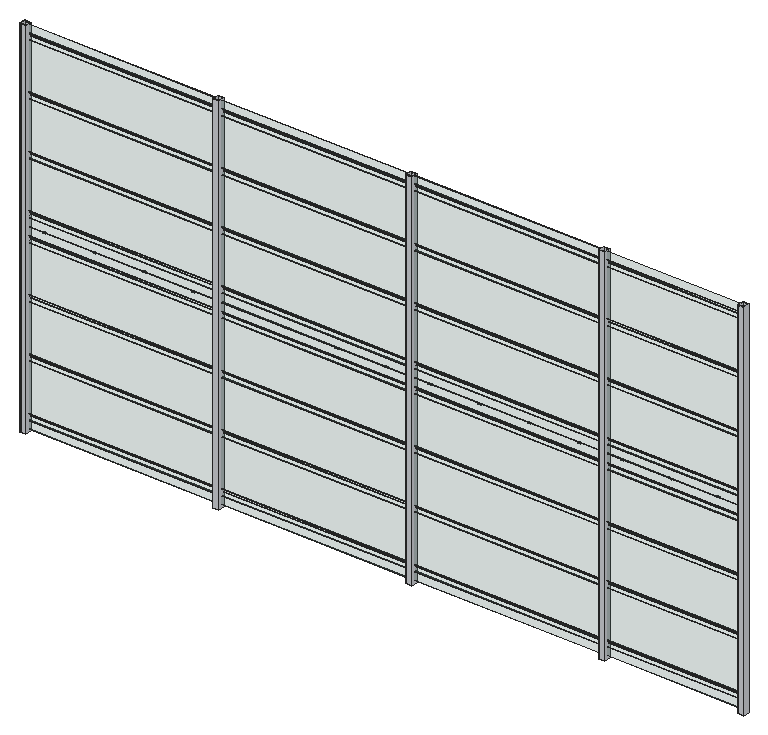
Revit family "Ограждение_Составное_Панель_3D_2500", category Специальное оборудование, Revit 2019
Family settings
  Размер круглого соединителя = Использовать диаметр
  Тип детали = Нормальный
  При загрузке вырезать с полостями = Нет
  Общий = Нет
  Точка расчета площади = Нет
Parameters (values of type "Панель 2500_Фланцевое крепление_Столб 80х80")
  Ячейка 50х200 [instance] = not(Ячейка 50х150)  # no
  Ячейка 50х150 [instance] = yes
  Ширина столба = 80 mm
  Ширина резаной [instance] = if(not(Шаг последнего столба - Ширина столба > 0 mm), 1 mm, Шаг последнего столба - Ширина столба)  # 1780 mm
  Ширина панели = 2500 mm
  Ширина 1ой панели [instance] = if([built-in parameter 1001306] < Шаг столбов, 1 mm, Шаг столбов - Ширина столба)  # 2500 mm
  Шаг столбов [instance] = Ширина панели + Ширина столба  # 2580 mm
  Условное обозначение [instance] = no
  Толщина стенки столба [instance] = 2 mm
  Тип крепежа [instance] = 2
  Таблица высот [instance] = "Таблица высот"  # constant formula
  С фланцем под В.О. = not(or(Под бетонирование, С фланцем))  # no
  С фланцем = yes
  Показать последний [instance] = yes
  Показать первый [instance] = yes
  Шаг последнего столба [instance] = if(if(not([built-in parameter 1001306] > Шаг столбов), [built-in parameter 1001306], [built-in parameter 1001306] - (rounddown([built-in parameter 1001306] / Шаг столбов) * Шаг столбов)) = 0 mm, Шаг столбов, if(not([built-in parameter 1001306] > Шаг столбов), [built-in parameter 1001306], [built-in parameter 1001306] - (rounddown([built-in parameter 1001306] / Шаг столбов) * Шаг столбов)))  # 1860 mm
  Расчёт ячейки [instance] = if(Ячейка 50х200, 0, 1)  # 1
  Пруток D=6мм [instance] = not(or([Пруток D=4мм], [Пруток D=5мм]))  # no
  Пруток D=5мм [instance] = yes
  Пруток D=4мм [instance] = no
  Показать средний столб [instance] = N панелей = 2  # no
  Под насадку число [instance] = if(Под насадку, 1, 0)  # 0
  Под насадку [instance] = no
  Под бетонирование = no
  Отступ панели от основания = 40 mm
  Отступ панели = Ширина столба / 2  # 40 mm
  Инструкция [instance] = "https://docs.google.com/document/d/1Hms8PFiwyIDvWBDE-Iiht7COViz2qMQb2RMvPFaeq4U/edit#heading=h.gjdgxs"
  Изготовитель = [ADSK_Завод-изготовитель]  # "FENSYS"
  built-in parameter 1001306 [instance] = 9600 mm
  Диаметр сваи [instance] = 57 mm
  Группа модели = "Ограждение"  # constant formula
  Глубина столба = 80 mm
  Высота столба [instance] = Отступ панели от основания + Высота нижней панели + Высота верхней панели  # 4900 mm
  Высота сваи [instance] = 1000 mm
  Высота панели [instance] = Ограничитель высоты - 40 mm  # 4860 mm
  Расчет D прутка [instance] = if([Пруток D=4мм], 1, if([Пруток D=5мм], 2, 0))  # 2
  Высота нижней панели [instance] = Ограничитель высоты - 40 mm - Высота верхней панели  # 2430 mm
  Высота межпанельного крепежа [instance] = Высота нижней панели + 40 mm  # 2470 mm
  Ограничитель высоты [instance] = roundup(if(Высота забора < 3000 mm, 3000 mm, if(Высота забора > 4900 mm, 4900 mm, Высота забора)) / 100 mm) * 100 mm  # 4900 mm
  Высота забора [instance] = 9000 mm
  Высота верхней панели [instance] = size_lookup(Таблица высот, "Высота нижней панели", 500 mm, Ограничитель высоты)  # 2430 mm
  Выбор типа основания [instance] = if(Под бетонирование, 1, if(С фланцем, 2, 0))  # 2
  Видимость соединителей первой панели [instance] = and([built-in parameter 1001306] > Шаг столбов, [built-in parameter 1001306] < Шаг столбов * 2)  # no
  Видимость массива соединителей последней панели [instance] = and(not(Шаг последнего столба - Ширина столба < 1000 mm), not([built-in parameter 1001306] = Шаг столбов * 2))  # yes
  Видимость одного соединителя последней панели [instance] = and(Шаг последнего столба - Ширина столба < 1000 mm, Шаг последнего столба - Ширина столба > 500 mm)  # no
  Видимость массива столбов [instance] = N панелей > 2  # yes
  Видимость соединителей массива [instance] = not([built-in parameter 1001306] < Шаг столбов * 2)  # yes
  Видимость массива панелей [instance] = N панелей > 2  # yes
  Видимость 1ой панели [instance] = N панелей = 2  # no
  URL = "https://www.fensys.ru/oprosnyy-list/"
  N столбов в массиве [instance] = if((N панелей - 1) < 2, 2, N панелей - 1)  # 3
  N панелей в массиве [instance] = if(N панелей > 2, N панелей - 1, 2)  # 3
  N панелей [instance] = if([built-in parameter 1001306] > Шаг столбов, roundup([built-in parameter 1001306] / Шаг столбов), 1)  # 4
  ADSK_Размер_Длина [instance] = [built-in parameter 1001306]  # 9600 mm
  ADSK_Наименование = "Ограждение составное 3д - Панель 2500_Фланцевое крепление_Столб 80х80"
  ADSK_Завод-изготовитель = "FENSYS"  # constant formula
  ADSK_Единица измерения = "м."  # constant formula
Reference planes
  plane 1 "По центру (Вперед/Назад)": y = 0
  plane 2: z = 0
  plane 3 "Слева": x = 0
  plane 4 "Справа": x = 9600
  plane 5 "Верх стойки": z = 4900
  plane 6: x = 2580
  plane 7: x = 5160
  plane 8 "ось предпоследнего столба": x = 7740
  plane 9 "Низ нижней панели": z = 40
  plane 10 "По центру Л/С": z = 2470
Lines and regions (mm)
  reference lines
    curve 1: line (0, 0, 0) -> (9600, 0, 0)
Dimensions and locks
  "built-in parameter 1001306": plane 3 "Слева" to plane 4 "Справа"
  "Ограничитель высоты": plane 5 "Верх стойки" to level
  "Шаг столбов": plane 3 "Слева" to plane 6
  "Шаг столбов": plane 6 to plane 7
  "Шаг последнего столба": plane 8 "ось предпоследнего столба" to plane 4 "Справа"
  equal spacing: group 1, group 2, group 9  (x3)
  equal spacing: group 3, group 4, group 10  (x3)
  locked: plane 9 "Низ нижней панели" to plane 2 at 40
  "Высота нижней панели": plane 10 "По центру Л/С" to plane 9 "Низ нижней панели"
  plane 5 "Верх стойки" to plane 9 "Низ нижней панели" = 4860 mm
  equal spacing: group 5, group 6, group 11  (x2)
  equal spacing: group 11, group 6, group 5
  equal spacing: group 7, group 8, group 12  (x3)
  aligned and locked: plane 4 "Справа" to curve 1
  aligned and locked: plane 1 "По центру (Вперед/Назад)" to curve 1
  aligned and locked: plane 3 "Слева" to curve 1
  aligned and locked: level to plane 2
  aligned and locked: plane 3 "Слева" to nested 1
  aligned and locked: plane 1 "По центру (Вперед/Назад)" to nested 1
  aligned and locked: plane 6 to nested 2
  aligned and locked: curve 1 to nested 2
  aligned and locked: curve 1 to nested 3
  aligned and locked: plane 4 "Справа" to nested 4
  aligned and locked: plane 3 "Слева" to nested 5
  aligned and locked: plane 6 to nested 6
  aligned and locked: plane 1 "По центру (Вперед/Назад)" to nested 5
  aligned and locked: plane 1 "По центру (Вперед/Назад)" to nested 6
  aligned and locked: nested 7 to curve 1
  aligned and locked: plane 1 "По центру (Вперед/Назад)" to nested 7
  aligned and locked: plane 6 to nested 8
  aligned and locked: plane 6 to nested 7
  aligned and locked: plane 9 "Низ нижней панели" to nested 5
  aligned and locked: plane 9 "Низ нижней панели" to nested 8
  aligned and locked: plane 9 "Низ нижней панели" to nested 4
  aligned and locked: plane 9 "Низ нижней панели" to nested 7
  aligned and locked: plane 10 "По центру Л/С" to nested 26
  aligned and locked: plane 4 "Справа" to nested 26
  aligned and locked: nested 3 to plane 4 "Справа"
  aligned and locked: nested 26 to plane 10 "По центру Л/С"
  aligned and locked: plane 5 "Верх стойки" to nested 1  (x2)
  aligned and locked: plane 5 "Верх стойки" to nested 2
  aligned and locked: plane 5 "Верх стойки" to nested 3  (x2)
  aligned and locked: plane 10 "По центру Л/С" to nested 25
  aligned and locked: plane 10 "По центру Л/С" to nested 53
  aligned and locked: plane 7 to nested 44
  aligned and locked: plane 6 to nested 27
  aligned and locked: plane 10 "По центру Л/С" to nested 4  (x2)
  aligned and locked: plane 10 "По центру Л/С" to nested 27
  aligned and locked: nested 27 to plane 10 "По центру Л/С"
  aligned and locked: plane 10 "По центру Л/С" to nested 8  (x2)
  aligned and locked: plane 3 "Слева" to nested 54
  aligned and locked: plane 6 to nested 55
  aligned and locked: plane 8 "ось предпоследнего столба" to nested 56
  aligned and locked: plane 3 "Слева" to nested 57
  aligned and locked: plane 1 "По центру (Вперед/Назад)" to nested 54
  aligned and locked: plane 1 "По центру (Вперед/Назад)" to nested 55
  aligned and locked: plane 1 "По центру (Вперед/Назад)" to nested 56
  aligned and locked: plane 1 "По центру (Вперед/Назад)" to nested 57
  aligned and locked: plane 5 "Верх стойки" to nested 90
  aligned and locked: plane 5 "Верх стойки" to nested 6
Nested families
  nested 1: "В_Столб" at (0, 0, 0), visible <- "Показать первый", ADSK_Размер_Толщина стенки <- "Толщина стенки столба", ADSK_Размер_Глубина <- "Глубина столба", Диаметр сваи <- "Диаметр сваи", Высота сваи <- "Высота сваи", Под бетонирование <- "Под бетонирование", С фланцем <- "С фланцем", С фланцем под в.о. <- "С фланцем под В.О.", ADSK_Размер_Ширина <- "Ширина столба", ADSK_Комплект <- "Группа модели", Под насадку <- "Под насадку", Тип крепежа <- "Тип крепежа", Условное обозначение <- "Условное обозначение", Высота забора <- "Ограничитель высоты", type "Столб"
    with Условное обозначение no, Тип крепежа 2, Таблица "Столб новый", С фланцем под в.о. no, С фланцем yes, Под насадку число 1, Под насадку no, Под бетонирование no, Ограничитель крепежа 2, Крепеж в массиве 5, Длина под бетонирование 0 mm, Диаметр сваи 57 mm, Высота сваи 1000 mm, Высота забора 4900 mm, Выбор типа крепления 2, N крепежа в массиве 10, ADSK_Размер_Ширина 80 mm, ADSK_Размер_Толщина стенки 2 mm, ADSK_Размер_Глубина 80 mm, ADSK_Размер_Высота 4900 mm, ADSK_Обозначение "SIT", ADSK_Наименование "Столб ограждения (под насадку): профиль 80x80x2 мм, L= 4900 мм, с фланцем (160x160x6)", ADSK_Масса 23.3, ADSK_Комплект "Ограждение", ADSK_Код изделия "13630N"
  nested 2: "В_Столб" at (2580, 0, 0), visible <- "Показать средний столб", ADSK_Размер_Толщина стенки <- "Толщина стенки столба", ADSK_Размер_Глубина <- "Глубина столба", Диаметр сваи <- "Диаметр сваи", Высота сваи <- "Высота сваи", Под бетонирование <- "Под бетонирование", С фланцем <- "С фланцем", С фланцем под в.о. <- "С фланцем под В.О.", ADSK_Размер_Ширина <- "Ширина столба", ADSK_Комплект <- "Группа модели", Под насадку <- "Под насадку", Тип крепежа <- "Тип крепежа", Условное обозначение <- "Условное обозначение", Высота забора <- "Ограничитель высоты", type "Столб"
    with Условное обозначение no, Тип крепежа 2, Таблица "Столб новый", С фланцем под в.о. no, С фланцем yes, Под насадку число 1, Под насадку no, Под бетонирование no, Ограничитель крепежа 2, Крепеж в массиве 5, Длина под бетонирование 0 mm, Диаметр сваи 57 mm, Высота сваи 1000 mm, Высота забора 4900 mm, Выбор типа крепления 2, N крепежа в массиве 10, ADSK_Размер_Ширина 80 mm, ADSK_Размер_Толщина стенки 2 mm, ADSK_Размер_Глубина 80 mm, ADSK_Размер_Высота 4900 mm, ADSK_Обозначение "SIT", ADSK_Наименование "Столб ограждения (под насадку): профиль 80x80x2 мм, L= 4900 мм, с фланцем (160x160x6)", ADSK_Масса 23.3, ADSK_Комплект "Ограждение", ADSK_Код изделия "13630N"
  nested 3: "В_Столб" at (9600, 0, 0), visible <- "Показать последний", ADSK_Размер_Толщина стенки <- "Толщина стенки столба", ADSK_Размер_Глубина <- "Глубина столба", Диаметр сваи <- "Диаметр сваи", Высота сваи <- "Высота сваи", Под бетонирование <- "Под бетонирование", С фланцем <- "С фланцем", С фланцем под в.о. <- "С фланцем под В.О.", ADSK_Размер_Ширина <- "Ширина столба", ADSK_Комплект <- "Группа модели", Под насадку <- "Под насадку", Тип крепежа <- "Тип крепежа", Условное обозначение <- "Условное обозначение", Высота забора <- "Ограничитель высоты", type "Столб"
    with Условное обозначение no, Тип крепежа 2, Таблица "Столб новый", С фланцем под в.о. no, С фланцем yes, Под насадку число 1, Под насадку no, Под бетонирование no, Ограничитель крепежа 2, Крепеж в массиве 5, Длина под бетонирование 0 mm, Диаметр сваи 57 mm, Высота сваи 1000 mm, Высота забора 4900 mm, Выбор типа крепления 2, N крепежа в массиве 10, ADSK_Размер_Ширина 80 mm, ADSK_Размер_Толщина стенки 2 mm, ADSK_Размер_Глубина 80 mm, ADSK_Размер_Высота 4900 mm, ADSK_Обозначение "SIT", ADSK_Наименование "Столб ограждения (под насадку): профиль 80x80x2 мм, L= 4900 мм, с фланцем (160x160x6)", ADSK_Масса 23.3, ADSK_Комплект "Ограждение", ADSK_Код изделия "13630N"
  nested 4: "В_Панель" at (7740, 0, 0), ADSK_Размер_Высота <- "Высота нижней панели", Отступ панели от основания <- "Отступ панели от основания", Отступ панели <- "Отступ панели", Размер ячейки <- "Расчёт ячейки", Размер прутка <- "Расчет D прутка", ADSK_Размер_Ширина <- "Ширина резаной", Тип крепежа <- "Тип крепежа", ADSK_Комплект <- "Группа модели", type "Панель 2500"
    with Тип крепежа 2, Таблица масса "Панель масса", Расчетная длина 1860 mm, Размер ячейки 1, Размер прутка 2, Отступ панели от основания 40 mm, Отступ панели 40 mm, Высота дубляж 2430 mm, Высота V5 3030 mm, Высота V4 2430 mm, Высота V3 1930 mm, Высота V2 1430 mm, V5 no, V4 yes, V3 no, V2 no, ADSK_Размер_Ширина 1780 mm, ADSK_Размер_Высота 2430 mm, ADSK_Примечание "", ADSK_Обозначение "GUARD-G", ADSK_Наименование "Панель под подрезку", ADSK_Масса 0, ADSK_Комплект "Ограждение", ADSK_Код изделия " "
  nested 5: "В_Панель" at (0, 0, 0), ADSK_Размер_Высота <- "Высота нижней панели", Отступ панели от основания <- "Отступ панели от основания", Отступ панели <- "Отступ панели", visible <- "Видимость массива панелей", Размер ячейки <- "Расчёт ячейки", Размер прутка <- "Расчет D прутка", Тип крепежа <- "Тип крепежа", ADSK_Комплект <- "Группа модели", ADSK_Размер_Ширина <- "Ширина панели", type "Панель 2500"
    with Тип крепежа 2, Таблица масса "Панель масса", Расчетная длина 2580 mm, Размер ячейки 1, Размер прутка 2, Отступ панели от основания 40 mm, Отступ панели 40 mm, Высота дубляж 2430 mm, Высота V5 3030 mm, Высота V4 2430 mm, Высота V3 1930 mm, Высота V2 1430 mm, V5 no, V4 yes, V3 no, V2 no, ADSK_Размер_Ширина 2500 mm, ADSK_Размер_Высота 2430 mm, ADSK_Примечание "", ADSK_Обозначение "GUARD-G", ADSK_Наименование "Панель 3D серии GUARD-T: HxW (высота х ширина) 2430x2505 (+-2) мм, пруток D=5 мм, ячейка = 50х150 мм, V-образных изгибов 4", ADSK_Масса 26.9, ADSK_Комплект "Ограждение", ADSK_Код изделия "16857"
  nested 6: "В_Столб" at (2580, 0, 0), visible <- "Видимость массива столбов", ADSK_Размер_Толщина стенки <- "Толщина стенки столба", ADSK_Размер_Глубина <- "Глубина столба", Диаметр сваи <- "Диаметр сваи", Высота сваи <- "Высота сваи", Под бетонирование <- "Под бетонирование", С фланцем <- "С фланцем", С фланцем под в.о. <- "С фланцем под В.О.", ADSK_Размер_Ширина <- "Ширина столба", ADSK_Комплект <- "Группа модели", Под насадку <- "Под насадку", Тип крепежа <- "Тип крепежа", Условное обозначение <- "Условное обозначение", Высота забора <- "Ограничитель высоты", type "Столб"
    with Условное обозначение no, Тип крепежа 2, Таблица "Столб новый", С фланцем под в.о. no, С фланцем yes, Под насадку число 1, Под насадку no, Под бетонирование no, Ограничитель крепежа 2, Крепеж в массиве 5, Длина под бетонирование 0 mm, Диаметр сваи 57 mm, Высота сваи 1000 mm, Высота забора 4900 mm, Выбор типа крепления 2, N крепежа в массиве 10, ADSK_Размер_Ширина 80 mm, ADSK_Размер_Толщина стенки 2 mm, ADSK_Размер_Глубина 80 mm, ADSK_Размер_Высота 4900 mm, ADSK_Обозначение "SIT", ADSK_Наименование "Столб ограждения (под насадку): профиль 80x80x2 мм, L= 4900 мм, с фланцем (160x160x6)", ADSK_Масса 23.3, ADSK_Комплект "Ограждение", ADSK_Код изделия "13630N"
  nested 7: "В_Панель" at (0, 0, 0), ADSK_Размер_Высота <- "Высота нижней панели", Отступ панели от основания <- "Отступ панели от основания", Отступ панели <- "Отступ панели", visible <- "Видимость 1ой панели", Размер ячейки <- "Расчёт ячейки", Размер прутка <- "Расчет D прутка", Тип крепежа <- "Тип крепежа", ADSK_Комплект <- "Группа модели", ADSK_Размер_Ширина <- "Ширина 1ой панели", type "Панель 2500"
    with Тип крепежа 2, Таблица масса "Панель масса", Расчетная длина 2580 mm, Размер ячейки 1, Размер прутка 2, Отступ панели от основания 40 mm, Отступ панели 40 mm, Высота дубляж 2430 mm, Высота V5 3030 mm, Высота V4 2430 mm, Высота V3 1930 mm, Высота V2 1430 mm, V5 no, V4 yes, V3 no, V2 no, ADSK_Размер_Ширина 2500 mm, ADSK_Размер_Высота 2430 mm, ADSK_Примечание "", ADSK_Обозначение "GUARD-G", ADSK_Наименование "Панель 3D серии GUARD-T: HxW (высота х ширина) 2430x2505 (+-2) мм, пруток D=5 мм, ячейка = 50х150 мм, V-образных изгибов 4", ADSK_Масса 26.9, ADSK_Комплект "Ограждение", ADSK_Код изделия "16857"
  nested 8: "В_Панель" at (2580, 0, 0), ADSK_Размер_Высота <- "Высота нижней панели", Отступ панели от основания <- "Отступ панели от основания", Отступ панели <- "Отступ панели", visible <- "Видимость массива панелей", Размер ячейки <- "Расчёт ячейки", Размер прутка <- "Расчет D прутка", Тип крепежа <- "Тип крепежа", ADSK_Комплект <- "Группа модели", ADSK_Размер_Ширина <- "Ширина панели", type "Панель 2500"
    with Тип крепежа 2, Таблица масса "Панель масса", Расчетная длина 2580 mm, Размер ячейки 1, Размер прутка 2, Отступ панели от основания 40 mm, Отступ панели 40 mm, Высота дубляж 2430 mm, Высота V5 3030 mm, Высота V4 2430 mm, Высота V3 1930 mm, Высота V2 1430 mm, V5 no, V4 yes, V3 no, V2 no, ADSK_Размер_Ширина 2500 mm, ADSK_Размер_Высота 2430 mm, ADSK_Примечание "", ADSK_Обозначение "GUARD-G", ADSK_Наименование "Панель 3D серии GUARD-T: HxW (высота х ширина) 2430x2505 (+-2) мм, пруток D=5 мм, ячейка = 50х150 мм, V-образных изгибов 4", ADSK_Масса 26.9, ADSK_Комплект "Ограждение", ADSK_Код изделия "16857"
  nested 9: "В_Крепеж" at (0, 0, 4865), type "Крепеж"
    with Ширина столба 0 mm, Тип крепежа 2, Путь к таблице "Таблица крепежей", Видимость метизов yes, Y насадка no, ADSK_Обозначение "Крепеж", ADSK_Наименование "Скоба F50", ADSK_Комплект "Ограждение", ADSK_Количество 1, ADSK_Код изделия "8903K"
  nested 10: "В_Крепеж" at (0, 0, 104.903), type "Крепеж"
    with Ширина столба 0 mm, Тип крепежа 2, Путь к таблице "Таблица крепежей", Видимость метизов yes, Y насадка no, ADSK_Обозначение "Крепеж", ADSK_Наименование "Скоба F50", ADSK_Комплект "Ограждение", ADSK_Количество 1, ADSK_Код изделия "8903K"
  nested 11: "В_Крепеж" at (2580, 0, 4865), type "Крепеж"
    with Ширина столба 0 mm, Тип крепежа 2, Путь к таблице "Таблица крепежей", Видимость метизов yes, Y насадка no, ADSK_Обозначение "Крепеж", ADSK_Наименование "Скоба F50", ADSK_Комплект "Ограждение", ADSK_Количество 1, ADSK_Код изделия "8903K"
  nested 12: "В_Крепеж" at (2580, 0, 104.903), type "Крепеж"
    with Ширина столба 0 mm, Тип крепежа 2, Путь к таблице "Таблица крепежей", Видимость метизов yes, Y насадка no, ADSK_Обозначение "Крепеж", ADSK_Наименование "Скоба F50", ADSK_Комплект "Ограждение", ADSK_Количество 1, ADSK_Код изделия "8903K"
  nested 13: "В_Крепеж" at (9600, 0, 4865), type "Крепеж"
    with Ширина столба 0 mm, Тип крепежа 2, Путь к таблице "Таблица крепежей", Видимость метизов yes, Y насадка no, ADSK_Обозначение "Крепеж", ADSK_Наименование "Скоба F50", ADSK_Комплект "Ограждение", ADSK_Количество 1, ADSK_Код изделия "8903K"
  nested 14: "В_Крепеж" at (9600, 0, 104.903), type "Крепеж"
    with Ширина столба 0 mm, Тип крепежа 2, Путь к таблице "Таблица крепежей", Видимость метизов yes, Y насадка no, ADSK_Обозначение "Крепеж", ADSK_Наименование "Скоба F50", ADSK_Комплект "Ограждение", ADSK_Количество 1, ADSK_Код изделия "8903K"
  nested 15: "В_Крепеж" at (2580, 0, 4865), type "Крепеж"
    with Ширина столба 0 mm, Тип крепежа 2, Путь к таблице "Таблица крепежей", Видимость метизов yes, Y насадка no, ADSK_Обозначение "Крепеж", ADSK_Наименование "Скоба F50", ADSK_Комплект "Ограждение", ADSK_Количество 1, ADSK_Код изделия "8903K"
  nested 16: "В_Крепеж" at (2580, 0, 104.903), type "Крепеж"
    with Ширина столба 0 mm, Тип крепежа 2, Путь к таблице "Таблица крепежей", Видимость метизов yes, Y насадка no, ADSK_Обозначение "Крепеж", ADSK_Наименование "Скоба F50", ADSK_Комплект "Ограждение", ADSK_Количество 1, ADSK_Код изделия "8903K"
  nested 17: "В_Метизы" at (20, 0, 4865), type "Метизы"
    with Тип крепежа 2, Путь к таблице "Таблица метизов", ADSK_Наименование "Комплект метизов «В» для крепления скобы из нержавеющей стали (Винт М8х30 ISO 7380 А2   - 4 шт., Шайба D8 DIN 125 А2-70 - 4 шт.,Шайба 8 DIN 127 нерж.)", ADSK_Комплект "Ограждение", ADSK_Количество 1, ADSK_Код изделия "8923"
  nested 18: "В_Метизы" at (20, 0, 104.903), type "Метизы"
    with Тип крепежа 2, Путь к таблице "Таблица метизов", ADSK_Наименование "Комплект метизов «В» для крепления скобы из нержавеющей стали (Винт М8х30 ISO 7380 А2   - 4 шт., Шайба D8 DIN 125 А2-70 - 4 шт.,Шайба 8 DIN 127 нерж.)", ADSK_Комплект "Ограждение", ADSK_Количество 1, ADSK_Код изделия "8923"
  nested 19: "В_Метизы" at (2600, 0, 4865), type "Метизы"
    with Тип крепежа 2, Путь к таблице "Таблица метизов", ADSK_Наименование "Комплект метизов «В» для крепления скобы из нержавеющей стали (Винт М8х30 ISO 7380 А2   - 4 шт., Шайба D8 DIN 125 А2-70 - 4 шт.,Шайба 8 DIN 127 нерж.)", ADSK_Комплект "Ограждение", ADSK_Количество 1, ADSK_Код изделия "8923"
  nested 20: "В_Метизы" at (2600, 0, 104.903), type "Метизы"
    with Тип крепежа 2, Путь к таблице "Таблица метизов", ADSK_Наименование "Комплект метизов «В» для крепления скобы из нержавеющей стали (Винт М8х30 ISO 7380 А2   - 4 шт., Шайба D8 DIN 125 А2-70 - 4 шт.,Шайба 8 DIN 127 нерж.)", ADSK_Комплект "Ограждение", ADSK_Количество 1, ADSK_Код изделия "8923"
  nested 21: "В_Метизы" at (9620, 0, 4865), type "Метизы"
    with Тип крепежа 2, Путь к таблице "Таблица метизов", ADSK_Наименование "Комплект метизов «В» для крепления скобы из нержавеющей стали (Винт М8х30 ISO 7380 А2   - 4 шт., Шайба D8 DIN 125 А2-70 - 4 шт.,Шайба 8 DIN 127 нерж.)", ADSK_Комплект "Ограждение", ADSK_Количество 1, ADSK_Код изделия "8923"
  nested 22: "В_Метизы" at (9620, 0, 104.903), type "Метизы"
    with Тип крепежа 2, Путь к таблице "Таблица метизов", ADSK_Наименование "Комплект метизов «В» для крепления скобы из нержавеющей стали (Винт М8х30 ISO 7380 А2   - 4 шт., Шайба D8 DIN 125 А2-70 - 4 шт.,Шайба 8 DIN 127 нерж.)", ADSK_Комплект "Ограждение", ADSK_Количество 1, ADSK_Код изделия "8923"
  nested 23: "В_Метизы" at (2600, 0, 4865), type "Метизы"
    with Тип крепежа 2, Путь к таблице "Таблица метизов", ADSK_Наименование "Комплект метизов «В» для крепления скобы из нержавеющей стали (Винт М8х30 ISO 7380 А2   - 4 шт., Шайба D8 DIN 125 А2-70 - 4 шт.,Шайба 8 DIN 127 нерж.)", ADSK_Комплект "Ограждение", ADSK_Количество 1, ADSK_Код изделия "8923"
  nested 24: "В_Метизы" at (2600, 0, 104.903), type "Метизы"
    with Тип крепежа 2, Путь к таблице "Таблица метизов", ADSK_Наименование "Комплект метизов «В» для крепления скобы из нержавеющей стали (Винт М8х30 ISO 7380 А2   - 4 шт., Шайба D8 DIN 125 А2-70 - 4 шт.,Шайба 8 DIN 127 нерж.)", ADSK_Комплект "Ограждение", ADSK_Количество 1, ADSK_Код изделия "8923"
  nested 25: "В_Панель" at (0, 0, 2430), ADSK_Размер_Высота <- "Высота верхней панели", Отступ панели от основания <- "Отступ панели от основания", Отступ панели <- "Отступ панели", visible <- "Видимость массива панелей", Размер ячейки <- "Расчёт ячейки", Размер прутка <- "Расчет D прутка", Тип крепежа <- "Тип крепежа", ADSK_Комплект <- "Группа модели", ADSK_Размер_Ширина <- "Ширина панели", type "Панель 2500"
    with Тип крепежа 2, Таблица масса "Панель масса", Расчетная длина 2580 mm, Размер ячейки 1, Размер прутка 2, Отступ панели от основания 40 mm, Отступ панели 40 mm, Высота дубляж 2430 mm, Высота V5 3030 mm, Высота V4 2430 mm, Высота V3 1930 mm, Высота V2 1430 mm, V5 no, V4 yes, V3 no, V2 no, ADSK_Размер_Ширина 2500 mm, ADSK_Размер_Высота 2430 mm, ADSK_Примечание "", ADSK_Обозначение "GUARD-G", ADSK_Наименование "Панель 3D серии GUARD-T: HxW (высота х ширина) 2430x2505 (+-2) мм, пруток D=5 мм, ячейка = 50х150 мм, V-образных изгибов 4", ADSK_Масса 26.9, ADSK_Комплект "Ограждение", ADSK_Код изделия "16857"
  nested 26: "В_Панель" at (7740, 0, 2430), ADSK_Размер_Высота <- "Высота верхней панели", Отступ панели от основания <- "Отступ панели от основания", Отступ панели <- "Отступ панели", Размер ячейки <- "Расчёт ячейки", Размер прутка <- "Расчет D прутка", ADSK_Размер_Ширина <- "Ширина резаной", Тип крепежа <- "Тип крепежа", ADSK_Комплект <- "Группа модели", type "Панель 2500"
    with Тип крепежа 2, Таблица масса "Панель масса", Расчетная длина 1860 mm, Размер ячейки 1, Размер прутка 2, Отступ панели от основания 40 mm, Отступ панели 40 mm, Высота дубляж 2430 mm, Высота V5 3030 mm, Высота V4 2430 mm, Высота V3 1930 mm, Высота V2 1430 mm, V5 no, V4 yes, V3 no, V2 no, ADSK_Размер_Ширина 1780 mm, ADSK_Размер_Высота 2430 mm, ADSK_Примечание "", ADSK_Обозначение "GUARD-G", ADSK_Наименование "Панель под подрезку", ADSK_Масса 0, ADSK_Комплект "Ограждение", ADSK_Код изделия " "
  nested 27: "В_Панель" at (2580, 0, 2430), ADSK_Размер_Высота <- "Высота верхней панели", Отступ панели от основания <- "Отступ панели от основания", Отступ панели <- "Отступ панели", visible <- "Видимость массива панелей", Размер ячейки <- "Расчёт ячейки", Размер прутка <- "Расчет D прутка", Тип крепежа <- "Тип крепежа", ADSK_Комплект <- "Группа модели", ADSK_Размер_Ширина <- "Ширина панели", type "Панель 2500"
    with Тип крепежа 2, Таблица масса "Панель масса", Расчетная длина 2580 mm, Размер ячейки 1, Размер прутка 2, Отступ панели от основания 40 mm, Отступ панели 40 mm, Высота дубляж 2430 mm, Высота V5 3030 mm, Высота V4 2430 mm, Высота V3 1930 mm, Высота V2 1430 mm, V5 no, V4 yes, V3 no, V2 no, ADSK_Размер_Ширина 2500 mm, ADSK_Размер_Высота 2430 mm, ADSK_Примечание "", ADSK_Обозначение "GUARD-G", ADSK_Наименование "Панель 3D серии GUARD-T: HxW (высота х ширина) 2430x2505 (+-2) мм, пруток D=5 мм, ячейка = 50х150 мм, V-образных изгибов 4", ADSK_Масса 26.9, ADSK_Комплект "Ограждение", ADSK_Код изделия "16857"
  nested 28: "В_Крепеж" at (0, 0, 1294.928), type "Крепеж"
    with Ширина столба 0 mm, Тип крепежа 2, Путь к таблице "Таблица крепежей", Видимость метизов yes, Y насадка no, ADSK_Обозначение "Крепеж", ADSK_Наименование "Скоба F50", ADSK_Комплект "Ограждение", ADSK_Количество 1, ADSK_Код изделия "8903K"
  nested 29: "В_Метизы" at (20, 0, 1294.928), type "Метизы"
    with Тип крепежа 2, Путь к таблице "Таблица метизов", ADSK_Наименование "Комплект метизов «В» для крепления скобы из нержавеющей стали (Винт М8х30 ISO 7380 А2   - 4 шт., Шайба D8 DIN 125 А2-70 - 4 шт.,Шайба 8 DIN 127 нерж.)", ADSK_Комплект "Ограждение", ADSK_Количество 1, ADSK_Код изделия "8923"
  nested 30: "В_Крепеж" at (2580, 0, 1294.928), type "Крепеж"
    with Ширина столба 0 mm, Тип крепежа 2, Путь к таблице "Таблица крепежей", Видимость метизов yes, Y насадка no, ADSK_Обозначение "Крепеж", ADSK_Наименование "Скоба F50", ADSK_Комплект "Ограждение", ADSK_Количество 1, ADSK_Код изделия "8903K"
  nested 31: "В_Метизы" at (2600, 0, 1294.928), type "Метизы"
    with Тип крепежа 2, Путь к таблице "Таблица метизов", ADSK_Наименование "Комплект метизов «В» для крепления скобы из нержавеющей стали (Винт М8х30 ISO 7380 А2   - 4 шт., Шайба D8 DIN 125 А2-70 - 4 шт.,Шайба 8 DIN 127 нерж.)", ADSK_Комплект "Ограждение", ADSK_Количество 1, ADSK_Код изделия "8923"
  nested 32: "В_Крепеж" at (2580, 0, 1294.928), type "Крепеж"
    with Ширина столба 0 mm, Тип крепежа 2, Путь к таблице "Таблица крепежей", Видимость метизов yes, Y насадка no, ADSK_Обозначение "Крепеж", ADSK_Наименование "Скоба F50", ADSK_Комплект "Ограждение", ADSK_Количество 1, ADSK_Код изделия "8903K"
  nested 33: "В_Метизы" at (2600, 0, 1294.928), type "Метизы"
    with Тип крепежа 2, Путь к таблице "Таблица метизов", ADSK_Наименование "Комплект метизов «В» для крепления скобы из нержавеющей стали (Винт М8х30 ISO 7380 А2   - 4 шт., Шайба D8 DIN 125 А2-70 - 4 шт.,Шайба 8 DIN 127 нерж.)", ADSK_Комплект "Ограждение", ADSK_Количество 1, ADSK_Код изделия "8923"
  nested 34: "В_Крепеж" at (0, 0, 2484.952), type "Крепеж"
    with Ширина столба 0 mm, Тип крепежа 2, Путь к таблице "Таблица крепежей", Видимость метизов yes, Y насадка no, ADSK_Обозначение "Крепеж", ADSK_Наименование "Скоба F50", ADSK_Комплект "Ограждение", ADSK_Количество 1, ADSK_Код изделия "8903K"
  nested 35: "В_Метизы" at (20, 0, 2484.952), type "Метизы"
    with Тип крепежа 2, Путь к таблице "Таблица метизов", ADSK_Наименование "Комплект метизов «В» для крепления скобы из нержавеющей стали (Винт М8х30 ISO 7380 А2   - 4 шт., Шайба D8 DIN 125 А2-70 - 4 шт.,Шайба 8 DIN 127 нерж.)", ADSK_Комплект "Ограждение", ADSK_Количество 1, ADSK_Код изделия "8923"
  nested 36: "В_Крепеж" at (2580, 0, 2484.952), type "Крепеж"
    with Ширина столба 0 mm, Тип крепежа 2, Путь к таблице "Таблица крепежей", Видимость метизов yes, Y насадка no, ADSK_Обозначение "Крепеж", ADSK_Наименование "Скоба F50", ADSK_Комплект "Ограждение", ADSK_Количество 1, ADSK_Код изделия "8903K"
  nested 37: "В_Метизы" at (2600, 0, 2484.952), type "Метизы"
    with Тип крепежа 2, Путь к таблице "Таблица метизов", ADSK_Наименование "Комплект метизов «В» для крепления скобы из нержавеющей стали (Винт М8х30 ISO 7380 А2   - 4 шт., Шайба D8 DIN 125 А2-70 - 4 шт.,Шайба 8 DIN 127 нерж.)", ADSK_Комплект "Ограждение", ADSK_Количество 1, ADSK_Код изделия "8923"
  nested 38: "В_Крепеж" at (9600, 0, 2484.952), type "Крепеж"
    with Ширина столба 0 mm, Тип крепежа 2, Путь к таблице "Таблица крепежей", Видимость метизов yes, Y насадка no, ADSK_Обозначение "Крепеж", ADSK_Наименование "Скоба F50", ADSK_Комплект "Ограждение", ADSK_Количество 1, ADSK_Код изделия "8903K"
  nested 39: "В_Крепеж" at (9600, 0, 1294.928), type "Крепеж"
    with Ширина столба 0 mm, Тип крепежа 2, Путь к таблице "Таблица крепежей", Видимость метизов yes, Y насадка no, ADSK_Обозначение "Крепеж", ADSK_Наименование "Скоба F50", ADSK_Комплект "Ограждение", ADSK_Количество 1, ADSK_Код изделия "8903K"
  nested 40: "В_Метизы" at (9620, 0, 2484.952), type "Метизы"
    with Тип крепежа 2, Путь к таблице "Таблица метизов", ADSK_Наименование "Комплект метизов «В» для крепления скобы из нержавеющей стали (Винт М8х30 ISO 7380 А2   - 4 шт., Шайба D8 DIN 125 А2-70 - 4 шт.,Шайба 8 DIN 127 нерж.)", ADSK_Комплект "Ограждение", ADSK_Количество 1, ADSK_Код изделия "8923"
  nested 41: "В_Метизы" at (9620, 0, 1294.928), type "Метизы"
    with Тип крепежа 2, Путь к таблице "Таблица метизов", ADSK_Наименование "Комплект метизов «В» для крепления скобы из нержавеющей стали (Винт М8х30 ISO 7380 А2   - 4 шт., Шайба D8 DIN 125 А2-70 - 4 шт.,Шайба 8 DIN 127 нерж.)", ADSK_Комплект "Ограждение", ADSK_Количество 1, ADSK_Код изделия "8923"
  nested 42: "В_Крепеж" at (2580, 0, 2484.952), type "Крепеж"
    with Ширина столба 0 mm, Тип крепежа 2, Путь к таблице "Таблица крепежей", Видимость метизов yes, Y насадка no, ADSK_Обозначение "Крепеж", ADSK_Наименование "Скоба F50", ADSK_Комплект "Ограждение", ADSK_Количество 1, ADSK_Код изделия "8903K"
  nested 43: "В_Метизы" at (2600, 0, 2484.952), type "Метизы"
    with Тип крепежа 2, Путь к таблице "Таблица метизов", ADSK_Наименование "Комплект метизов «В» для крепления скобы из нержавеющей стали (Винт М8х30 ISO 7380 А2   - 4 шт., Шайба D8 DIN 125 А2-70 - 4 шт.,Шайба 8 DIN 127 нерж.)", ADSK_Комплект "Ограждение", ADSK_Количество 1, ADSK_Код изделия "8923"
  nested 44: "В_Столб" at (5160, 0, 0), visible <- "Видимость массива столбов", ADSK_Размер_Толщина стенки <- "Толщина стенки столба", ADSK_Размер_Глубина <- "Глубина столба", Диаметр сваи <- "Диаметр сваи", Высота сваи <- "Высота сваи", Под бетонирование <- "Под бетонирование", С фланцем <- "С фланцем", С фланцем под в.о. <- "С фланцем под В.О.", ADSK_Размер_Ширина <- "Ширина столба", ADSK_Комплект <- "Группа модели", Под насадку <- "Под насадку", Тип крепежа <- "Тип крепежа", Условное обозначение <- "Условное обозначение", Высота забора <- "Ограничитель высоты", type "Столб"
    with Условное обозначение no, Тип крепежа 2, Таблица "Столб новый", С фланцем под в.о. no, С фланцем yes, Под насадку число 1, Под насадку no, Под бетонирование no, Ограничитель крепежа 2, Крепеж в массиве 5, Длина под бетонирование 0 mm, Диаметр сваи 57 mm, Высота сваи 1000 mm, Высота забора 4900 mm, Выбор типа крепления 2, N крепежа в массиве 10, ADSK_Размер_Ширина 80 mm, ADSK_Размер_Толщина стенки 2 mm, ADSK_Размер_Глубина 80 mm, ADSK_Размер_Высота 4900 mm, ADSK_Обозначение "SIT", ADSK_Наименование "Столб ограждения (под насадку): профиль 80x80x2 мм, L= 4900 мм, с фланцем (160x160x6)", ADSK_Масса 23.3, ADSK_Комплект "Ограждение", ADSK_Код изделия "13630N"
  nested 45: "В_Крепеж" at (5160, 0, 4865), type "Крепеж"
    with Ширина столба 0 mm, Тип крепежа 2, Путь к таблице "Таблица крепежей", Видимость метизов yes, Y насадка no, ADSK_Обозначение "Крепеж", ADSK_Наименование "Скоба F50", ADSK_Комплект "Ограждение", ADSK_Количество 1, ADSK_Код изделия "8903K"
  nested 46: "В_Крепеж" at (5160, 0, 104.903), type "Крепеж"
    with Ширина столба 0 mm, Тип крепежа 2, Путь к таблице "Таблица крепежей", Видимость метизов yes, Y насадка no, ADSK_Обозначение "Крепеж", ADSK_Наименование "Скоба F50", ADSK_Комплект "Ограждение", ADSK_Количество 1, ADSK_Код изделия "8903K"
  nested 47: "В_Метизы" at (5180, 0, 4865), type "Метизы"
    with Тип крепежа 2, Путь к таблице "Таблица метизов", ADSK_Наименование "Комплект метизов «В» для крепления скобы из нержавеющей стали (Винт М8х30 ISO 7380 А2   - 4 шт., Шайба D8 DIN 125 А2-70 - 4 шт.,Шайба 8 DIN 127 нерж.)", ADSK_Комплект "Ограждение", ADSK_Количество 1, ADSK_Код изделия "8923"
  nested 48: "В_Метизы" at (5180, 0, 104.903), type "Метизы"
    with Тип крепежа 2, Путь к таблице "Таблица метизов", ADSK_Наименование "Комплект метизов «В» для крепления скобы из нержавеющей стали (Винт М8х30 ISO 7380 А2   - 4 шт., Шайба D8 DIN 125 А2-70 - 4 шт.,Шайба 8 DIN 127 нерж.)", ADSK_Комплект "Ограждение", ADSK_Количество 1, ADSK_Код изделия "8923"
  nested 49: "В_Крепеж" at (5160, 0, 1294.928), type "Крепеж"
    with Ширина столба 0 mm, Тип крепежа 2, Путь к таблице "Таблица крепежей", Видимость метизов yes, Y насадка no, ADSK_Обозначение "Крепеж", ADSK_Наименование "Скоба F50", ADSK_Комплект "Ограждение", ADSK_Количество 1, ADSK_Код изделия "8903K"
  nested 50: "В_Метизы" at (5180, 0, 1294.928), type "Метизы"
    with Тип крепежа 2, Путь к таблице "Таблица метизов", ADSK_Наименование "Комплект метизов «В» для крепления скобы из нержавеющей стали (Винт М8х30 ISO 7380 А2   - 4 шт., Шайба D8 DIN 125 А2-70 - 4 шт.,Шайба 8 DIN 127 нерж.)", ADSK_Комплект "Ограждение", ADSK_Количество 1, ADSK_Код изделия "8923"
  nested 51: "В_Крепеж" at (5160, 0, 2484.952), type "Крепеж"
    with Ширина столба 0 mm, Тип крепежа 2, Путь к таблице "Таблица крепежей", Видимость метизов yes, Y насадка no, ADSK_Обозначение "Крепеж", ADSK_Наименование "Скоба F50", ADSK_Комплект "Ограждение", ADSK_Количество 1, ADSK_Код изделия "8903K"
  nested 52: "В_Метизы" at (5180, 0, 2484.952), type "Метизы"
    with Тип крепежа 2, Путь к таблице "Таблица метизов", ADSK_Наименование "Комплект метизов «В» для крепления скобы из нержавеющей стали (Винт М8х30 ISO 7380 А2   - 4 шт., Шайба D8 DIN 125 А2-70 - 4 шт.,Шайба 8 DIN 127 нерж.)", ADSK_Комплект "Ограждение", ADSK_Количество 1, ADSK_Код изделия "8923"
  nested 53: "В_Панель" at (0, 0, 2430), ADSK_Размер_Высота <- "Высота верхней панели", Отступ панели от основания <- "Отступ панели от основания", Отступ панели <- "Отступ панели", visible <- "Видимость 1ой панели", Размер ячейки <- "Расчёт ячейки", Размер прутка <- "Расчет D прутка", Тип крепежа <- "Тип крепежа", ADSK_Комплект <- "Группа модели", ADSK_Размер_Ширина <- "Ширина 1ой панели", type "Панель 2500"
    with Тип крепежа 2, Таблица масса "Панель масса", Расчетная длина 2580 mm, Размер ячейки 1, Размер прутка 2, Отступ панели от основания 40 mm, Отступ панели 40 mm, Высота дубляж 2430 mm, Высота V5 3030 mm, Высота V4 2430 mm, Высота V3 1930 mm, Высота V2 1430 mm, V5 no, V4 yes, V3 no, V2 no, ADSK_Размер_Ширина 2500 mm, ADSK_Размер_Высота 2430 mm, ADSK_Примечание "", ADSK_Обозначение "GUARD-G", ADSK_Наименование "Панель 3D серии GUARD-T: HxW (высота х ширина) 2430x2505 (+-2) мм, пруток D=5 мм, ячейка = 50х150 мм, V-образных изгибов 4", ADSK_Масса 26.9, ADSK_Комплект "Ограждение", ADSK_Код изделия "16857"
  nested 54: "В_Крепеж_межпанельный" at (1250, 0, 2470), Шаг столбов <- "Шаг столбов", Ширина столба <- "Ширина столба", Видимость массива <- "Видимость соединителей массива", built-in parameter 1001364 <- "Высота межпанельного крепежа", type "В_Крепеж_межпанельный"
    with Ширина столба 80 mm, Шаг столбов 2580 mm, Тип крепежа 1, Ограничитель длины 2500 mm, Длина панели 2500 mm, Видимость одного крепежа no, Видимость массива yes, N межпанельно крепежа 4, ADSK_Комплект "Ограждение"
  nested 55: "В_Крепеж_межпанельный" at (3830, 0, 2470), Шаг столбов <- "Шаг столбов", Ширина столба <- "Ширина столба", Видимость массива <- "Видимость соединителей массива", built-in parameter 1001364 <- "Высота межпанельного крепежа", type "В_Крепеж_межпанельный"
    with Ширина столба 80 mm, Шаг столбов 2580 mm, Тип крепежа 1, Ограничитель длины 2500 mm, Длина панели 2500 mm, Видимость одного крепежа no, Видимость массива yes, N межпанельно крепежа 4, ADSK_Комплект "Ограждение"
  nested 56: "В_Крепеж_межпанельный" at (8630, 0, 2470), Шаг столбов <- "Шаг последнего столба", Ширина столба <- "Ширина столба", Видимость массива <- "Видимость массива соединителей последней панели", Видимость одного крепежа <- "Видимость одного соединителя последней панели", built-in parameter 1001364 <- "Высота межпанельного крепежа", type "В_Крепеж_межпанельный"
    with Ширина столба 80 mm, Шаг столбов 1860 mm, Тип крепежа 1, Ограничитель длины 1780 mm, Длина панели 1780 mm, Видимость одного крепежа no, Видимость массива yes, N межпанельно крепежа 3, ADSK_Комплект "Ограждение"
  nested 57: "В_Крепеж_межпанельный" at (1250, 0, 2470), Видимость массива <- "Видимость соединителей первой панели", Шаг столбов <- "Шаг столбов", Ширина столба <- "Ширина столба", built-in parameter 1001364 <- "Высота межпанельного крепежа", type "В_Крепеж_межпанельный"
    with Ширина столба 80 mm, Шаг столбов 2580 mm, Тип крепежа 1, Ограничитель длины 2500 mm, Длина панели 2500 mm, Видимость одного крепежа no, Видимость массива no, N межпанельно крепежа 4, ADSK_Комплект "Ограждение"
  nested 58: "В_Крепеж" at (9270, 0, 2470), type "Крепеж"
    with Ширина столба 0 mm, Тип крепежа 1, Путь к таблице "Таблица крепежей", Видимость метизов yes, Y насадка no, ADSK_Обозначение "Крепеж", ADSK_Наименование "Скоба F24", ADSK_Комплект "Ограждение", ADSK_Количество 1, ADSK_Код изделия "15512K"
  nested 59: "В_Крепеж" at (7990, 0, 2470), type "Крепеж"
    with Ширина столба 0 mm, Тип крепежа 1, Путь к таблице "Таблица крепежей", Видимость метизов yes, Y насадка no, ADSK_Обозначение "Крепеж", ADSK_Наименование "Скоба F24", ADSK_Комплект "Ограждение", ADSK_Количество 1, ADSK_Код изделия "15512K"
  nested 60: "В_Метизы" at (9290, 0, 2470), type "Метизы"
    with Тип крепежа 1, Путь к таблице "Таблица метизов", ADSK_Наименование "Комплект метизов «В» для крепления скобы F24 (Винт М6х30 ISO 7380 А2 - 4 шт., Шайба D6 DIN 125 А2 - 4 шт.,Шайба 6 DIN 127 А2 - 4 шт.)", ADSK_Комплект "Ограждение", ADSK_Количество 1, ADSK_Код изделия "8932"
  nested 61: "В_Метизы" at (8010, 0, 2470), type "Метизы"
    with Тип крепежа 1, Путь к таблице "Таблица метизов", ADSK_Наименование "Комплект метизов «В» для крепления скобы F24 (Винт М6х30 ISO 7380 А2 - 4 шт., Шайба D6 DIN 125 А2 - 4 шт.,Шайба 6 DIN 127 А2 - 4 шт.)", ADSK_Комплект "Ограждение", ADSK_Количество 1, ADSK_Код изделия "8932"
  nested 62: "В_Крепеж" at (0, 0, 3674.976), type "Крепеж"
    with Ширина столба 0 mm, Тип крепежа 2, Путь к таблице "Таблица крепежей", Видимость метизов yes, Y насадка no, ADSK_Обозначение "Крепеж", ADSK_Наименование "Скоба F50", ADSK_Комплект "Ограждение", ADSK_Количество 1, ADSK_Код изделия "8903K"
  nested 63: "В_Метизы" at (20, 0, 3674.976), type "Метизы"
    with Тип крепежа 2, Путь к таблице "Таблица метизов", ADSK_Наименование "Комплект метизов «В» для крепления скобы из нержавеющей стали (Винт М8х30 ISO 7380 А2   - 4 шт., Шайба D8 DIN 125 А2-70 - 4 шт.,Шайба 8 DIN 127 нерж.)", ADSK_Комплект "Ограждение", ADSK_Количество 1, ADSK_Код изделия "8923"
  nested 64: "В_Крепеж" at (2580, 0, 3674.976), type "Крепеж"
    with Ширина столба 0 mm, Тип крепежа 2, Путь к таблице "Таблица крепежей", Видимость метизов yes, Y насадка no, ADSK_Обозначение "Крепеж", ADSK_Наименование "Скоба F50", ADSK_Комплект "Ограждение", ADSK_Количество 1, ADSK_Код изделия "8903K"
  nested 65: "В_Метизы" at (2600, 0, 3674.976), type "Метизы"
    with Тип крепежа 2, Путь к таблице "Таблица метизов", ADSK_Наименование "Комплект метизов «В» для крепления скобы из нержавеющей стали (Винт М8х30 ISO 7380 А2   - 4 шт., Шайба D8 DIN 125 А2-70 - 4 шт.,Шайба 8 DIN 127 нерж.)", ADSK_Комплект "Ограждение", ADSK_Количество 1, ADSK_Код изделия "8923"
  nested 66: "В_Крепеж" at (9600, 0, 3674.976), type "Крепеж"
    with Ширина столба 0 mm, Тип крепежа 2, Путь к таблице "Таблица крепежей", Видимость метизов yes, Y насадка no, ADSK_Обозначение "Крепеж", ADSK_Наименование "Скоба F50", ADSK_Комплект "Ограждение", ADSK_Количество 1, ADSK_Код изделия "8903K"
  nested 67: "В_Метизы" at (9620, 0, 3674.976), type "Метизы"
    with Тип крепежа 2, Путь к таблице "Таблица метизов", ADSK_Наименование "Комплект метизов «В» для крепления скобы из нержавеющей стали (Винт М8х30 ISO 7380 А2   - 4 шт., Шайба D8 DIN 125 А2-70 - 4 шт.,Шайба 8 DIN 127 нерж.)", ADSK_Комплект "Ограждение", ADSK_Количество 1, ADSK_Код изделия "8923"
  nested 68: "В_Крепеж" at (5160, 0, 3674.976), type "Крепеж"
    with Ширина столба 0 mm, Тип крепежа 2, Путь к таблице "Таблица крепежей", Видимость метизов yes, Y насадка no, ADSK_Обозначение "Крепеж", ADSK_Наименование "Скоба F50", ADSK_Комплект "Ограждение", ADSK_Количество 1, ADSK_Код изделия "8903K"
  nested 69: "В_Метизы" at (5180, 0, 3674.976), type "Метизы"
    with Тип крепежа 2, Путь к таблице "Таблица метизов", ADSK_Наименование "Комплект метизов «В» для крепления скобы из нержавеющей стали (Винт М8х30 ISO 7380 А2   - 4 шт., Шайба D8 DIN 125 А2-70 - 4 шт.,Шайба 8 DIN 127 нерж.)", ADSK_Комплект "Ограждение", ADSK_Количество 1, ADSK_Код изделия "8923"
  nested 70: "В_Крепеж" at (4163.333, 0, 2470), type "Крепеж"
    with Ширина столба 0 mm, Тип крепежа 1, Путь к таблице "Таблица крепежей", Видимость метизов yes, Y насадка no, ADSK_Обозначение "Крепеж", ADSK_Наименование "Скоба F24", ADSK_Комплект "Ограждение", ADSK_Количество 1, ADSK_Код изделия "15512K"
  nested 71: "В_Крепеж" at (3496.667, 0, 2470), type "Крепеж"
    with Ширина столба 0 mm, Тип крепежа 1, Путь к таблице "Таблица крепежей", Видимость метизов yes, Y насадка no, ADSK_Обозначение "Крепеж", ADSK_Наименование "Скоба F24", ADSK_Комплект "Ограждение", ADSK_Количество 1, ADSK_Код изделия "15512K"
  nested 72: "В_Крепеж" at (4830, 0, 2470), type "Крепеж"
    with Ширина столба 0 mm, Тип крепежа 1, Путь к таблице "Таблица крепежей", Видимость метизов yes, Y насадка no, ADSK_Обозначение "Крепеж", ADSK_Наименование "Скоба F24", ADSK_Комплект "Ограждение", ADSK_Количество 1, ADSK_Код изделия "15512K"
  nested 73: "В_Крепеж" at (2830, 0, 2470), type "Крепеж"
    with Ширина столба 0 mm, Тип крепежа 1, Путь к таблице "Таблица крепежей", Видимость метизов yes, Y насадка no, ADSK_Обозначение "Крепеж", ADSK_Наименование "Скоба F24", ADSK_Комплект "Ограждение", ADSK_Количество 1, ADSK_Код изделия "15512K"
  nested 74: "В_Метизы" at (4183.333, 0, 2470), type "Метизы"
    with Тип крепежа 1, Путь к таблице "Таблица метизов", ADSK_Наименование "Комплект метизов «В» для крепления скобы F24 (Винт М6х30 ISO 7380 А2 - 4 шт., Шайба D6 DIN 125 А2 - 4 шт.,Шайба 6 DIN 127 А2 - 4 шт.)", ADSK_Комплект "Ограждение", ADSK_Количество 1, ADSK_Код изделия "8932"
  nested 75: "В_Метизы" at (3516.667, 0, 2470), type "Метизы"
    with Тип крепежа 1, Путь к таблице "Таблица метизов", ADSK_Наименование "Комплект метизов «В» для крепления скобы F24 (Винт М6х30 ISO 7380 А2 - 4 шт., Шайба D6 DIN 125 А2 - 4 шт.,Шайба 6 DIN 127 А2 - 4 шт.)", ADSK_Комплект "Ограждение", ADSK_Количество 1, ADSK_Код изделия "8932"
  nested 76: "В_Метизы" at (4850, 0, 2470), type "Метизы"
    with Тип крепежа 1, Путь к таблице "Таблица метизов", ADSK_Наименование "Комплект метизов «В» для крепления скобы F24 (Винт М6х30 ISO 7380 А2 - 4 шт., Шайба D6 DIN 125 А2 - 4 шт.,Шайба 6 DIN 127 А2 - 4 шт.)", ADSK_Комплект "Ограждение", ADSK_Количество 1, ADSK_Код изделия "8932"
  nested 77: "В_Метизы" at (2850, 0, 2470), type "Метизы"
    with Тип крепежа 1, Путь к таблице "Таблица метизов", ADSK_Наименование "Комплект метизов «В» для крепления скобы F24 (Винт М6х30 ISO 7380 А2 - 4 шт., Шайба D6 DIN 125 А2 - 4 шт.,Шайба 6 DIN 127 А2 - 4 шт.)", ADSK_Комплект "Ограждение", ADSK_Количество 1, ADSK_Код изделия "8932"
  nested 78: "В_Крепеж" at (1583.333, 0, 2470), type "Крепеж"
    with Ширина столба 0 mm, Тип крепежа 1, Путь к таблице "Таблица крепежей", Видимость метизов yes, Y насадка no, ADSK_Обозначение "Крепеж", ADSK_Наименование "Скоба F24", ADSK_Комплект "Ограждение", ADSK_Количество 1, ADSK_Код изделия "15512K"
  nested 79: "В_Крепеж" at (916.667, 0, 2470), type "Крепеж"
    with Ширина столба 0 mm, Тип крепежа 1, Путь к таблице "Таблица крепежей", Видимость метизов yes, Y насадка no, ADSK_Обозначение "Крепеж", ADSK_Наименование "Скоба F24", ADSK_Комплект "Ограждение", ADSK_Количество 1, ADSK_Код изделия "15512K"
  nested 80: "В_Крепеж" at (2250, 0, 2470), type "Крепеж"
    with Ширина столба 0 mm, Тип крепежа 1, Путь к таблице "Таблица крепежей", Видимость метизов yes, Y насадка no, ADSK_Обозначение "Крепеж", ADSK_Наименование "Скоба F24", ADSK_Комплект "Ограждение", ADSK_Количество 1, ADSK_Код изделия "15512K"
  nested 81: "В_Крепеж" at (250, 0, 2470), type "Крепеж"
    with Ширина столба 0 mm, Тип крепежа 1, Путь к таблице "Таблица крепежей", Видимость метизов yes, Y насадка no, ADSK_Обозначение "Крепеж", ADSK_Наименование "Скоба F24", ADSK_Комплект "Ограждение", ADSK_Количество 1, ADSK_Код изделия "15512K"
  nested 82: "В_Метизы" at (1603.333, 0, 2470), type "Метизы"
    with Тип крепежа 1, Путь к таблице "Таблица метизов", ADSK_Наименование "Комплект метизов «В» для крепления скобы F24 (Винт М6х30 ISO 7380 А2 - 4 шт., Шайба D6 DIN 125 А2 - 4 шт.,Шайба 6 DIN 127 А2 - 4 шт.)", ADSK_Комплект "Ограждение", ADSK_Количество 1, ADSK_Код изделия "8932"
  nested 83: "В_Метизы" at (936.667, 0, 2470), type "Метизы"
    with Тип крепежа 1, Путь к таблице "Таблица метизов", ADSK_Наименование "Комплект метизов «В» для крепления скобы F24 (Винт М6х30 ISO 7380 А2 - 4 шт., Шайба D6 DIN 125 А2 - 4 шт.,Шайба 6 DIN 127 А2 - 4 шт.)", ADSK_Комплект "Ограждение", ADSK_Количество 1, ADSK_Код изделия "8932"
  nested 84: "В_Метизы" at (2270, 0, 2470), type "Метизы"
    with Тип крепежа 1, Путь к таблице "Таблица метизов", ADSK_Наименование "Комплект метизов «В» для крепления скобы F24 (Винт М6х30 ISO 7380 А2 - 4 шт., Шайба D6 DIN 125 А2 - 4 шт.,Шайба 6 DIN 127 А2 - 4 шт.)", ADSK_Комплект "Ограждение", ADSK_Количество 1, ADSK_Код изделия "8932"
  nested 85: "В_Метизы" at (270, 0, 2470), type "Метизы"
    with Тип крепежа 1, Путь к таблице "Таблица метизов", ADSK_Наименование "Комплект метизов «В» для крепления скобы F24 (Винт М6х30 ISO 7380 А2 - 4 шт., Шайба D6 DIN 125 А2 - 4 шт.,Шайба 6 DIN 127 А2 - 4 шт.)", ADSK_Комплект "Ограждение", ADSK_Количество 1, ADSK_Код изделия "8932"
  nested 86: "В_Крепеж" at (2580, 0, 3674.976), type "Крепеж"
    with Ширина столба 0 mm, Тип крепежа 2, Путь к таблице "Таблица крепежей", Видимость метизов yes, Y насадка no, ADSK_Обозначение "Крепеж", ADSK_Наименование "Скоба F50", ADSK_Комплект "Ограждение", ADSK_Количество 1, ADSK_Код изделия "8903K"
  nested 87: "В_Метизы" at (2600, 0, 3674.976), type "Метизы"
    with Тип крепежа 2, Путь к таблице "Таблица метизов", ADSK_Наименование "Комплект метизов «В» для крепления скобы из нержавеющей стали (Винт М8х30 ISO 7380 А2   - 4 шт., Шайба D8 DIN 125 А2-70 - 4 шт.,Шайба 8 DIN 127 нерж.)", ADSK_Комплект "Ограждение", ADSK_Количество 1, ADSK_Код изделия "8923"
  nested 88: "В_Панель" at (5160, 0, 0), ADSK_Размер_Высота <- "Высота нижней панели", Отступ панели от основания <- "Отступ панели от основания", Отступ панели <- "Отступ панели", visible <- "Видимость массива панелей", Размер ячейки <- "Расчёт ячейки", Размер прутка <- "Расчет D прутка", Тип крепежа <- "Тип крепежа", ADSK_Комплект <- "Группа модели", ADSK_Размер_Ширина <- "Ширина панели", type "Панель 2500"
    with Тип крепежа 2, Таблица масса "Панель масса", Расчетная длина 2580 mm, Размер ячейки 1, Размер прутка 2, Отступ панели от основания 40 mm, Отступ панели 40 mm, Высота дубляж 2430 mm, Высота V5 3030 mm, Высота V4 2430 mm, Высота V3 1930 mm, Высота V2 1430 mm, V5 no, V4 yes, V3 no, V2 no, ADSK_Размер_Ширина 2500 mm, ADSK_Размер_Высота 2430 mm, ADSK_Примечание "", ADSK_Обозначение "GUARD-G", ADSK_Наименование "Панель 3D серии GUARD-T: HxW (высота х ширина) 2430x2505 (+-2) мм, пруток D=5 мм, ячейка = 50х150 мм, V-образных изгибов 4", ADSK_Масса 26.9, ADSK_Комплект "Ограждение", ADSK_Код изделия "16857"
  nested 89: "В_Панель" at (5160, 0, 2430), ADSK_Размер_Высота <- "Высота верхней панели", Отступ панели от основания <- "Отступ панели от основания", Отступ панели <- "Отступ панели", visible <- "Видимость массива панелей", Размер ячейки <- "Расчёт ячейки", Размер прутка <- "Расчет D прутка", Тип крепежа <- "Тип крепежа", ADSK_Комплект <- "Группа модели", ADSK_Размер_Ширина <- "Ширина панели", type "Панель 2500"
    with Тип крепежа 2, Таблица масса "Панель масса", Расчетная длина 2580 mm, Размер ячейки 1, Размер прутка 2, Отступ панели от основания 40 mm, Отступ панели 40 mm, Высота дубляж 2430 mm, Высота V5 3030 mm, Высота V4 2430 mm, Высота V3 1930 mm, Высота V2 1430 mm, V5 no, V4 yes, V3 no, V2 no, ADSK_Размер_Ширина 2500 mm, ADSK_Размер_Высота 2430 mm, ADSK_Примечание "", ADSK_Обозначение "GUARD-G", ADSK_Наименование "Панель 3D серии GUARD-T: HxW (высота х ширина) 2430x2505 (+-2) мм, пруток D=5 мм, ячейка = 50х150 мм, V-образных изгибов 4", ADSK_Масса 26.9, ADSK_Комплект "Ограждение", ADSK_Код изделия "16857"
  nested 90: "В_Столб" at (7740, 0, 0), visible <- "Видимость массива столбов", ADSK_Размер_Толщина стенки <- "Толщина стенки столба", ADSK_Размер_Глубина <- "Глубина столба", Диаметр сваи <- "Диаметр сваи", Высота сваи <- "Высота сваи", Под бетонирование <- "Под бетонирование", С фланцем <- "С фланцем", С фланцем под в.о. <- "С фланцем под В.О.", ADSK_Размер_Ширина <- "Ширина столба", ADSK_Комплект <- "Группа модели", Под насадку <- "Под насадку", Тип крепежа <- "Тип крепежа", Условное обозначение <- "Условное обозначение", Высота забора <- "Ограничитель высоты", type "Столб"
    with Условное обозначение no, Тип крепежа 2, Таблица "Столб новый", С фланцем под в.о. no, С фланцем yes, Под насадку число 1, Под насадку no, Под бетонирование no, Ограничитель крепежа 2, Крепеж в массиве 5, Длина под бетонирование 0 mm, Диаметр сваи 57 mm, Высота сваи 1000 mm, Высота забора 4900 mm, Выбор типа крепления 2, N крепежа в массиве 10, ADSK_Размер_Ширина 80 mm, ADSK_Размер_Толщина стенки 2 mm, ADSK_Размер_Глубина 80 mm, ADSK_Размер_Высота 4900 mm, ADSK_Обозначение "SIT", ADSK_Наименование "Столб ограждения (под насадку): профиль 80x80x2 мм, L= 4900 мм, с фланцем (160x160x6)", ADSK_Масса 23.3, ADSK_Комплект "Ограждение", ADSK_Код изделия "13630N"
  nested 91: "В_Крепеж" at (7740, 0, 4865), type "Крепеж"
    with Ширина столба 0 mm, Тип крепежа 2, Путь к таблице "Таблица крепежей", Видимость метизов yes, Y насадка no, ADSK_Обозначение "Крепеж", ADSK_Наименование "Скоба F50", ADSK_Комплект "Ограждение", ADSK_Количество 1, ADSK_Код изделия "8903K"
  nested 92: "В_Крепеж" at (7740, 0, 104.903), type "Крепеж"
    with Ширина столба 0 mm, Тип крепежа 2, Путь к таблице "Таблица крепежей", Видимость метизов yes, Y насадка no, ADSK_Обозначение "Крепеж", ADSK_Наименование "Скоба F50", ADSK_Комплект "Ограждение", ADSK_Количество 1, ADSK_Код изделия "8903K"
  nested 93: "В_Метизы" at (7760, 0, 4865), type "Метизы"
    with Тип крепежа 2, Путь к таблице "Таблица метизов", ADSK_Наименование "Комплект метизов «В» для крепления скобы из нержавеющей стали (Винт М8х30 ISO 7380 А2   - 4 шт., Шайба D8 DIN 125 А2-70 - 4 шт.,Шайба 8 DIN 127 нерж.)", ADSK_Комплект "Ограждение", ADSK_Количество 1, ADSK_Код изделия "8923"
  nested 94: "В_Метизы" at (7760, 0, 104.903), type "Метизы"
    with Тип крепежа 2, Путь к таблице "Таблица метизов", ADSK_Наименование "Комплект метизов «В» для крепления скобы из нержавеющей стали (Винт М8х30 ISO 7380 А2   - 4 шт., Шайба D8 DIN 125 А2-70 - 4 шт.,Шайба 8 DIN 127 нерж.)", ADSK_Комплект "Ограждение", ADSK_Количество 1, ADSK_Код изделия "8923"
  nested 95: "В_Крепеж" at (7740, 0, 1294.928), type "Крепеж"
    with Ширина столба 0 mm, Тип крепежа 2, Путь к таблице "Таблица крепежей", Видимость метизов yes, Y насадка no, ADSK_Обозначение "Крепеж", ADSK_Наименование "Скоба F50", ADSK_Комплект "Ограждение", ADSK_Количество 1, ADSK_Код изделия "8903K"
  nested 96: "В_Метизы" at (7760, 0, 1294.928), type "Метизы"
    with Тип крепежа 2, Путь к таблице "Таблица метизов", ADSK_Наименование "Комплект метизов «В» для крепления скобы из нержавеющей стали (Винт М8х30 ISO 7380 А2   - 4 шт., Шайба D8 DIN 125 А2-70 - 4 шт.,Шайба 8 DIN 127 нерж.)", ADSK_Комплект "Ограждение", ADSK_Количество 1, ADSK_Код изделия "8923"
  nested 97: "В_Крепеж" at (7740, 0, 2484.952), type "Крепеж"
    with Ширина столба 0 mm, Тип крепежа 2, Путь к таблице "Таблица крепежей", Видимость метизов yes, Y насадка no, ADSK_Обозначение "Крепеж", ADSK_Наименование "Скоба F50", ADSK_Комплект "Ограждение", ADSK_Количество 1, ADSK_Код изделия "8903K"
  nested 98: "В_Метизы" at (7760, 0, 2484.952), type "Метизы"
    with Тип крепежа 2, Путь к таблице "Таблица метизов", ADSK_Наименование "Комплект метизов «В» для крепления скобы из нержавеющей стали (Винт М8х30 ISO 7380 А2   - 4 шт., Шайба D8 DIN 125 А2-70 - 4 шт.,Шайба 8 DIN 127 нерж.)", ADSK_Комплект "Ограждение", ADSK_Количество 1, ADSK_Код изделия "8923"
  nested 99: "В_Крепеж" at (7740, 0, 3674.976), type "Крепеж"
    with Ширина столба 0 mm, Тип крепежа 2, Путь к таблице "Таблица крепежей", Видимость метизов yes, Y насадка no, ADSK_Обозначение "Крепеж", ADSK_Наименование "Скоба F50", ADSK_Комплект "Ограждение", ADSK_Количество 1, ADSK_Код изделия "8903K"
  nested 100: "В_Метизы" at (7760, 0, 3674.976), type "Метизы"
    with Тип крепежа 2, Путь к таблице "Таблица метизов", ADSK_Наименование "Комплект метизов «В» для крепления скобы из нержавеющей стали (Винт М8х30 ISO 7380 А2   - 4 шт., Шайба D8 DIN 125 А2-70 - 4 шт.,Шайба 8 DIN 127 нерж.)", ADSK_Комплект "Ограждение", ADSK_Количество 1, ADSK_Код изделия "8923"
  nested 101: "В_Крепеж_межпанельный" at (6410, 0, 2470), Шаг столбов <- "Шаг столбов", Ширина столба <- "Ширина столба", Видимость массива <- "Видимость соединителей массива", built-in parameter 1001364 <- "Высота межпанельного крепежа", type "В_Крепеж_межпанельный"
    with Ширина столба 80 mm, Шаг столбов 2580 mm, Тип крепежа 1, Ограничитель длины 2500 mm, Длина панели 2500 mm, Видимость одного крепежа no, Видимость массива yes, N межпанельно крепежа 4, ADSK_Комплект "Ограждение"
  nested 102: "В_Крепеж" at (6743.333, 0, 2470), type "Крепеж"
    with Ширина столба 0 mm, Тип крепежа 1, Путь к таблице "Таблица крепежей", Видимость метизов yes, Y насадка no, ADSK_Обозначение "Крепеж", ADSK_Наименование "Скоба F24", ADSK_Комплект "Ограждение", ADSK_Количество 1, ADSK_Код изделия "15512K"
  nested 103: "В_Крепеж" at (6076.667, 0, 2470), type "Крепеж"
    with Ширина столба 0 mm, Тип крепежа 1, Путь к таблице "Таблица крепежей", Видимость метизов yes, Y насадка no, ADSK_Обозначение "Крепеж", ADSK_Наименование "Скоба F24", ADSK_Комплект "Ограждение", ADSK_Количество 1, ADSK_Код изделия "15512K"
  nested 104: "В_Крепеж" at (7410, 0, 2470), type "Крепеж"
    with Ширина столба 0 mm, Тип крепежа 1, Путь к таблице "Таблица крепежей", Видимость метизов yes, Y насадка no, ADSK_Обозначение "Крепеж", ADSK_Наименование "Скоба F24", ADSK_Комплект "Ограждение", ADSK_Количество 1, ADSK_Код изделия "15512K"
  nested 105: "В_Крепеж" at (5410, 0, 2470), type "Крепеж"
    with Ширина столба 0 mm, Тип крепежа 1, Путь к таблице "Таблица крепежей", Видимость метизов yes, Y насадка no, ADSK_Обозначение "Крепеж", ADSK_Наименование "Скоба F24", ADSK_Комплект "Ограждение", ADSK_Количество 1, ADSK_Код изделия "15512K"
  nested 106: "В_Метизы" at (6763.333, 0, 2470), type "Метизы"
    with Тип крепежа 1, Путь к таблице "Таблица метизов", ADSK_Наименование "Комплект метизов «В» для крепления скобы F24 (Винт М6х30 ISO 7380 А2 - 4 шт., Шайба D6 DIN 125 А2 - 4 шт.,Шайба 6 DIN 127 А2 - 4 шт.)", ADSK_Комплект "Ограждение", ADSK_Количество 1, ADSK_Код изделия "8932"
